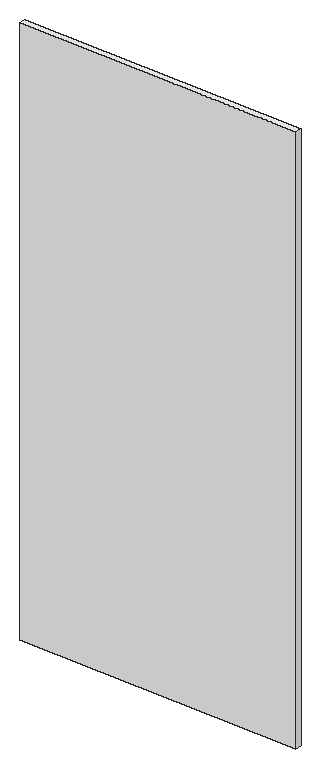
Revit family "PolyMax-WallPanel", category Specialty Equipment, host Wall, Revit 2026
Family settings
  Host = Wall
  Round Connector Dimension = Use Diameter
  Part Type = Normal
  Classification Number = 23.35.17.20
  Enable Cutting in Views = No
  Always vertical = Yes
  Cut with Voids When Loaded = No
  Maintain Annotation Orientation = No
  Shared = No
  Room Calculation Point = No
Parameters (values of type "1_2'x4'-Vertical")
  Width = 4' - 0"
  Warranty Duration (Years) = 0
  URL = "http://www.acousticalsurfaces.com/acoustical-wall-panels/wall-panels.html"
  Type Comments = ""
  Test Data = ""
  Specification = ""
  Send Message = ""
  Sales Information = ""
  Revision = ""
  Product Properties = ""
  Product Data = ""
  Phone Number = "1.800.448.0121"
  NRC = 0.7
  Model = "Poly Max™ Polyester Acoustical Panels"
  Material = Acoustical Surfaces - White
  Manufacturer Website = ""
  Manufacturer Phone - Toll Free = ""
  Manufacturer Phone = ""
  Manufacturer Fax = ""
  Manufacturer Address = ""
  Manufacturer = "Acoustical Surfaces Inc."
  Maintenance Schedule (Months) = 0
  Keynote = "09800"
  Installation-Fabrication = ""
  Installation Phase = ""
  Height Above Floor = 4' - 0"
  Height = 8' - 0"
  Green Building-LEED = ""
  Expected Lifespan (Years) = 0
  Email = "sales@acousticalsurfaces.com"
  Drawn By = ""
  Description = "Acoustical Wall & Ceiling Tiles"
  Depth = 0' - 1"
  Default Elevation = 0' - 0"
  Cost = 0
  Copyright = ""
  Construction Details = ""
  CSI No. = "09840"
  Assembly Code = "F1030100"
  Address = "123 Columbia Court North, Suite 201, Chaska, MN 55318"
Types (4): name
  1_4'x8'-Vertical
  1_4'x8'-Horizontal
  1_2'x4'-Horizontal
  1_2'x4'-Vertical
Reference planes (in)
  plane 1: y = 0
  plane 2 "Center (Left/Right)": x = 8
  plane 3 "Back": y = 3
  plane 4: z = 144
  plane 5: z = 48
  plane 6: x = 32
  plane 7: x = -16
  plane 8: z = 96
  plane 9 "Wall Face": y = 3
  plane 10 "Panel Face": y = 4
Forms (in)
  Extrusion 1, solid, material "Acoustical Surfaces - White" <- "Material"
    sketch origin (0, 3, 0) x (0, 0, 1) y (-1, 0, 0)
      loop
        line (144, -32) -> (144, 16) -> (48, 16) -> (48, -32) -> (144, -32)
    from 0 to -1
Text (in)
  text "Placement Side" at (0, 40.15149, 123.01588), in view "Right"
  text "Placement Side" at (-58.6842, 42.74981, 0), in view "Ref. Level"
  text "Placement Side" at (0, 47.49176, 140.59947), in view "Left"
Dimensions and locks (in)
  locked: plane 3 "Back" to host wall
  "Height Above Floor": level to plane 5
  "Height": plane 5 to plane 4
  "Width": plane 7 to plane 6
  equal spacing: plane 6, plane 2 "Center (Left/Right)", plane 7
  equal spacing: plane 5, plane 8, plane 4
  "Depth": plane 10 "Panel Face" to plane 9 "Wall Face"
  aligned and locked: plane 9 "Wall Face" to host wall
  aligned and locked: Extrusion 1 to plane 10 "Panel Face"
Automatic sketch dimensions
  Extrusion 1 sketch curve to plane 5 = 0' - 0"
  Extrusion 1 sketch curve to plane 4 = 0' - 0"
  Extrusion 1 sketch curve to plane 6 = 0' - 0"
  Extrusion 1 sketch curve to plane 7 = 0' - 0"
